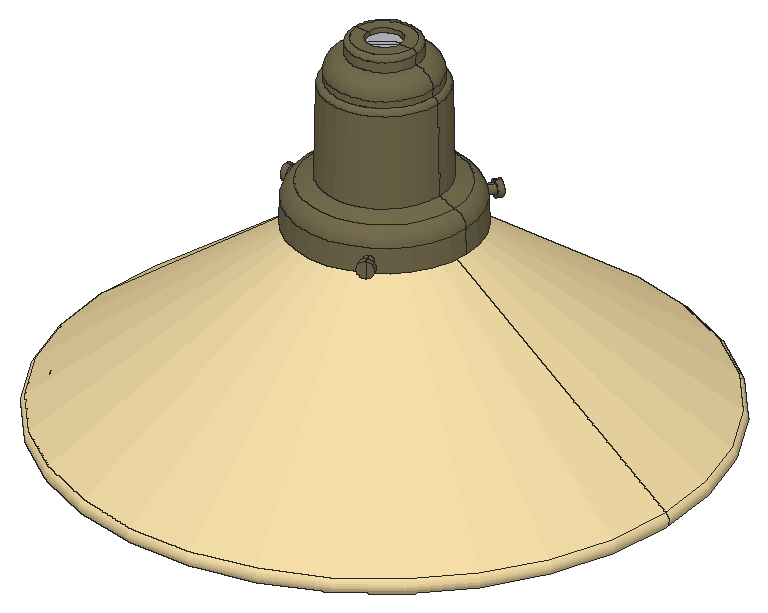
Revit family "S2H9 SHADE", category Lighting Fixtures, Revit 2024
Family settings
  Round Connector Dimension = Use Diameter
  Part Type = Normal
  OmniClass Number = 23.80.70.00
  OmniClass Title = Lighting
  Work Plane-Based = No
  Always vertical = Yes
  Cut with Voids When Loaded = No
  Light Source = Yes
  Maintain Annotation Orientation = No
  Shared = No
  Room Calculation Point = No
Parameters
  Wattage = 12.1178 W
  built-in parameter 1150110 = 1 (stored number, unit not read)
  built-in parameter 1114217 = 1 (stored number, unit not read)
  built-in parameter 1150109 = 1 (stored number, unit not read)
  built-in parameter 1150134 = (empty or 0)
  built-in parameter 1150113 = 1 (stored number, unit not read)
  Lumens = 1800 lm
  built-in parameter 1150115 = 1 (stored number, unit not read)
  built-in parameter 1150105 = 572.96 (stored number, unit not read)
  Light Source Symbol Size = 2' - 0"
  built-in parameter 1150137 = (empty or 0)
  built-in parameter 1150139 = (empty or 0)
  built-in parameter 1150112 = 1 (stored number, unit not read)
  built-in parameter 1150114 = 1 (stored number, unit not read)
  built-in parameter 1150132 = 2
  built-in parameter 1150102 = (empty or 0)
  built-in parameter 1150138 = (empty or 0)
  built-in parameter 1150107 = 3000 (stored number, unit not read)
  built-in parameter 1150106 = 5.7296 (stored number, unit not read)
  built-in parameter 1150104 = 13.8 (stored number, unit not read)
  Dimming Lamp Color Temperature Shift = (empty or 0)
  Default Elevation = 0' - 0"
  Color Filter = 16777215
  built-in parameter 1114218 = 1 (stored number, unit not read)
  built-in parameter 1150133 = 10 (stored number, unit not read)
Reference planes (in)
  plane 1 "Light Source Axis (F/B)": y = 0
  plane 2: z = 0
  plane 3 "Light Source Axis (L/R)": x = 0
  plane 4 "Light Source Elevation": z = 84
Forms (in)
  Revolve 1, solid
    sketch origin (0, 0, 0.5) x (1, 0, 0) y (0, 0, 1)
      loop
        line (-0.25, 88.89486) -> (-0.43, 88.89486)
        arc (-0.43, 88.89486) -> (-0.4795, 88.87436) -> (-0.5, 88.82486) r 0.07
        line (-0.5, 88.82486) -> (-0.5, 88.68486)
        arc (-0.5, 88.68486) -> (-0.68708, 88.60737) -> (-0.76457, 88.42029) r 0.26457
        line (-0.76457, 88.42029) -> (-0.76457, 88.32449)
        arc (-0.76457, 88.32449) -> (-0.81932, 88.30181) -> (-0.842, 88.24706) r 0.07743
        line (-0.842, 88.24706) -> (-0.875, 86.96486) -> (-1.12093, 86.87535)
        arc (-1.12093, 86.87535) -> (-1.24281, 86.78351) -> (-1.2925, 86.6392) r 0.261
        line (-1.2925, 86.6392) -> (-1.30461, 86.29236) -> (-1.24207, 86.29236) -> (-1.23004, 86.63702)
        arc (-1.23004, 86.63702) -> (-1.19225, 86.74677) -> (-1.09955, 86.81662) r 0.1985
        line (-1.09955, 86.81662) -> (-0.81362, 86.92069) -> (-0.77952, 88.24546)
        arc (-0.77952, 88.24546) -> (-0.72476, 88.26814) -> (-0.70207, 88.3229) r 0.07745
        line (-0.70207, 88.3229) -> (-0.70207, 88.42029)
        arc (-0.70207, 88.42029) -> (-0.61875, 88.58379) -> (-0.4375, 88.61246) r 0.20207
        line (-0.4375, 88.61246) -> (-0.4375, 88.83236) -> (-0.25, 88.83236) -> (-0.25, 88.89486)
      axis (0, 88.89486) -> (0, 86.29236)
    angle from 0 to 360
  Revolve 2, solid
    sketch origin (0, 0, 0.5) x (1, 0, 0) y (0, 0, 1)
      loop
        line (-1.54717, 86.46501) -> (-1.30016, 86.46501) -> (-1.30016, 86.53518) -> (-1.46388, 86.53518) -> (-1.46388, 86.58194) -> (-1.54717, 86.58194) -> (-1.54717, 86.46501)
      axis (-1.30016, 86.46501) -> (-1.54717, 86.46501)
    angle from 0 to 360
  Revolve 3, solid
    sketch origin (0, 0, 0.5) x (-0.5, -0.866025, 0) y (0, 0, 1)
      loop
        line (-1.54717, 86.46501) -> (-1.30016, 86.46501) -> (-1.30016, 86.53518) -> (-1.46388, 86.53518) -> (-1.46388, 86.58194) -> (-1.54717, 86.58194) -> (-1.54717, 86.46501)
      axis (-1.30016, 86.46501) -> (-1.54717, 86.46501)
    angle from 0 to 360
  Revolve 4, solid
    sketch origin (0, 0, 0.5) x (-0.5, 0.866025, 0) y (0, 0, 1)
      loop
        line (-1.54717, 86.46501) -> (-1.30016, 86.46501) -> (-1.30016, 86.53518) -> (-1.46388, 86.53518) -> (-1.46388, 86.58194) -> (-1.54717, 86.58194) -> (-1.54717, 86.46501)
      axis (-1.30016, 86.46501) -> (-1.54717, 86.46501)
    angle from 0 to 360
  Revolve 5, solid
    sketch origin (0, 0, 0) x (1, 0, 0) y (0, 0, 1)
      loop
        line (-0.95, 86.79236) -> (-4.44168, 84.23074)
        arc (-4.44168, 84.23074) -> (-4.36822, 83.9997) -> (-4.28683, 84.22807) r 0.12792
        line (-4.28683, 84.22807) -> (-0.89454, 86.71677) -> (-0.79151, 86.79236) -> (-0.95, 86.79236)
      axis (0, 84.22807) -> (0, 86.79236)
    angle from 0 to 360
Dimensions and locks (in)
  aligned and locked: plane 3 "Light Source Axis (L/R)" to imposter light
  aligned and locked: plane 1 "Light Source Axis (F/B)" to imposter light
  aligned and locked: plane 4 "Light Source Elevation" to imposter light
  aligned and locked: level to plane 2
